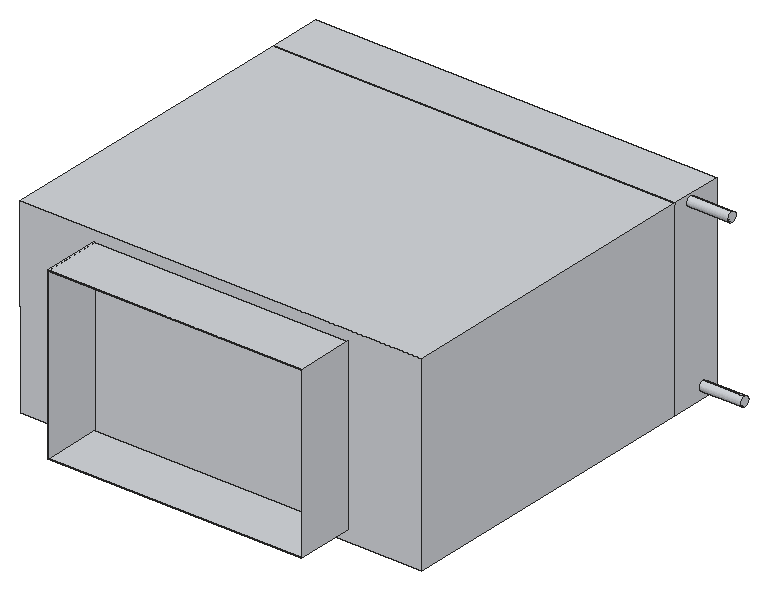
Revit family "EZTS (24x16) with Hot Water Coil", category Mechanical Equipment, Revit 2016
Family settings
  Part Type = Normal
  Round Connector Dimension = Use Radius
  Work Plane-Based = No
  Always vertical = Yes
  Cut with Voids When Loaded = No
  Shared = No
  Room Calculation Point = No
Parameters (values of type "EZTS - 24x16 with 1 Row Hot Water Coil")
  Width = 38"
  URL = "http://www.anemostat.com"
  Model = "EZTS With Hot Water Coil"
  Manufacturer = "Anemostat"
  Length = 30"
  Height = 18"
  HWC Depth "A" = 7"
  HWC Conn Radius = HWC Conn Diameter / 2  # 7/16"
  HWC Conn Diameter = 7/8"
  HWC Conn "E" = 1 39/256"
  HWC Conn "D" = 17/32"
  HWC Conn "C" = 3 1/4"
  HWC Conn "B" = 1 3/4"
  Duct Inlet Width = 24"
  Duct Inlet Height = 16"
  Duct Discharge Width = 38"
  Duct Discharge Height = 18"
  Control Enclosure [instance] = yes
Types (3): name | HWC Conn "C"
  (no name) | 3 1/4"
  EZTS - 24x16 with 1 Row Hot Water Coil | 3 1/4"
  EZTS - 24x16 with 2 Row Hot Water Coil | 2 213/256"
Reference planes (in)
  plane 1 "Center (Front/Back)": y = 0
  plane 2: z = 0
  plane 3 "Center (Left/Right)": x = 0
  plane 4: x = -19
  plane 5 "Right Side": x = 19
  plane 6: z = 18
  plane 7 "Back of Box": y = 30
  plane 8: x = -12
  plane 9: x = 12
  plane 10: z = 17
  plane 11: z = 1
  plane 12: x = -11.967
  plane 13: x = 11.967
  plane 14: z = 16.967
  plane 15: z = 1.033
  plane 16 "Back of HWC": y = 35
  plane 17: y = 31.75
  plane 18: z = 17.46875
  plane 19: z = 1.15234
  plane 20: y = 33.25
Forms (in)
  Extrusion 1, solid
    sketch origin (0, 0, 0) x (1, 0, 0) y (0, 0, 1)
      loop
        line (-19, 18) -> (-19, 0) -> (19, 0) -> (19, 18) -> (-19, 18)
    from 0 to -30
  Extrusion 2, solid
    sketch origin (0, 0, 0) x (1, 0, 0) y (0, 0, 1)
      loop
        line (-12, 17) -> (-12, 1) -> (12, 1) -> (12, 17) -> (-12, 17)
    from 0 to 5.4375
  Extrusion 3, void
    sketch origin (0, 0, 0) x (1, 0, 0) y (0, 0, 1)
      loop
        line (-11.967, 16.967) -> (-11.967, 1.033) -> (11.967, 1.033) -> (11.967, 16.967) -> (-11.967, 16.967)
    from 0 to 5.4375
  Extrusion 4, solid
    sketch origin (0, 30, 0) x (0, 0, 1) y (-1, 0, 0)
      loop
        line (18, -19) -> (18, 19) -> (0, 19) -> (0, -19) -> (18, -19)
    from 0 to -5
  Extrusion 5, solid
    sketch origin (19, 0, 0) x (0, 0, 1) y (0, -1, 0)
      loop
        circle (17.46875, -31.75) r 0.4375
    from 0 to 4
  Extrusion 6, solid
    sketch origin (19, 0, 0) x (0, 0, 1) y (0, -1, 0)
      loop
        circle (1.15234, -33.25) r 0.4375
    from 0 to 4
Cuts and joins
  Extrusion 3 cuts Extrusion 1
  Extrusion 3 cuts Extrusion 2
Dimensions and locks (in)
  equal spacing: plane 5 "Right Side", plane 3 "Center (Left/Right)", plane 4
  "Width": plane 5 "Right Side" to plane 4
  "Height": plane 6 to level
  "Length": plane 7 "Back of Box" to plane 1 "Center (Front/Back)"
  plane 4 to plane 8 to plane 3 "Center (Left/Right)" = 7", 12"
  equal spacing: plane 9, plane 3 "Center (Left/Right)", plane 8
  "HWC Conn "B"": plane 7 "Back of Box" to plane 17
  "HWC Conn "D"": plane 6 to plane 18
  "HWC Conn "E"": plane 19 to level
  "HWC Conn "C"": plane 7 "Back of Box" to plane 20
  aligned and locked: Extrusion 2 sketch curve to plane 10
  aligned and locked: plane 8 to Extrusion 2 sketch curve
  aligned and locked: plane 11 to Extrusion 2 sketch curve
  aligned and locked: Extrusion 2 sketch curve to plane 9
Automatic sketch dimensions
  Extrusion 1 sketch curve to level = 0"
  Extrusion 1 sketch curve to plane 4 = 0"
  Extrusion 1 sketch curve to plane 5 "Right Side" = 0"
  Extrusion 1 sketch curve to plane 6 = 0"
  Extrusion 3 sketch curve to plane 12 = 0"
  Extrusion 3 sketch curve to plane 13 = 0"
  Extrusion 3 sketch curve to plane 15 = 0"
  Extrusion 3 sketch curve to plane 14 = 0"
  Extrusion 4 sketch curve to level = 0"
  Extrusion 4 sketch curve to plane 5 "Right Side" = 0"
  Extrusion 4 sketch curve to plane 6 = 0"
  Extrusion 4 sketch curve to plane 4 = 0"
  Extrusion 5 sketch curve to plane 17 = 0"
  Extrusion 5 sketch curve to plane 18 = 0"
  Extrusion 6 sketch curve to plane 19 = 0"
  Extrusion 6 sketch curve to plane 20 = 0"
  radius of Extrusion 5 sketch curve = 7/16"
  radius of Extrusion 6 sketch curve = 7/16"
Connectors (in)
  hvac at (0, -5.4375, 9), driven by "Duct Inlet Height", driven by "Duct Inlet Width"
    settings: on cut or joined group of Extrusion 2, Extrusion 3, index 1, duct flow 0 CFM, flow factor 0, pres drop 0.00 in-wg, loss coef 0, conn angle 0.00°, conn width 24", conn height 16", conn diameter 24", duct sys type 1, conn prof type 1, flow config 0, flow direction 0, loss method 0, conn ref index -1, conn util no, is conn primary yes, conn desc ""
  hvac at (0, 35, 9), driven by "Duct Discharge Height", driven by "Duct Discharge Width"
    settings: on Extrusion 4, index 2, duct flow 0 CFM, flow factor 0, pres drop 0.00 in-wg, loss coef 0, conn angle 0.00°, conn width 38", conn height 18", conn diameter 24", duct sys type 1, conn prof type 1, flow config 0, flow direction 0, loss method 0, conn ref index -1, conn util no, is conn primary no, conn desc ""
  piping at (23, 31.75, 17.46875), diameter 0.875, driven by "HWC Conn Radius"
    settings: on Extrusion 5, index 3, connector inside diameter 24", connector length 0", flow factor 0, pipe flow 0 GPM, pressure drop 0.00 psi, fitting loss kfactor 0, connector angle 0.00°, fixture units 0, engagement length 0", angle of deflection 0.00°, flow configuration 0, flow direction 0, fitting loss method 0, system type 19, joint type 0, gender type 0, connector reference index -1, connector utility 0, adjustable connector no, is connector primary yes, connector description ""
  piping at (23, 33.25, 1.15234), diameter 0.875, driven by "HWC Conn Radius"
    settings: on Extrusion 6, index 4, connector inside diameter 24", connector length 0", flow factor 0, pipe flow 0 GPM, pressure drop 0.00 psi, fitting loss kfactor 0, connector angle 0.00°, fixture units 0, engagement length 0", angle of deflection 0.00°, flow configuration 0, flow direction 0, fitting loss method 0, system type 19, joint type 0, gender type 0, connector reference index -1, connector utility 0, adjustable connector no, is connector primary no, connector description ""
